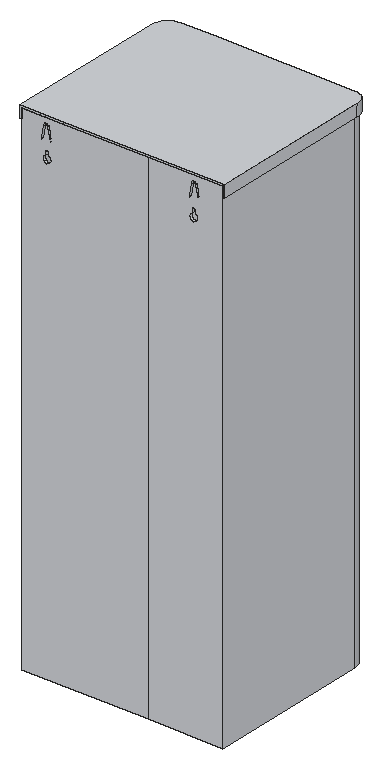
Revit family "AX8929-C_0004", category Appareils sanitaires, Revit 2016
Family settings
  Hôte = Mur
  Type d'élément = Normal
  Cote de connecteur circulaire = Utiliser le diamètre
  Numéro OmniClass = 23.75.00.00
  Titre OmniClass = Climate Control (HVAC)
  Toujours verticalement = Oui
  Couper avec des vides une fois chargée = Non
  Partagée = Non
  Point de calcul de pièce = Non
Parameters (values of type "Type 1")
  URL = "https://www.axeuro.com/fr/a-poser-en-applique/25349-poubelle-murale-ax8929-c.html"
  Modèle = "AX8929-C"  # constant formula
  Matériaux = "En inox 304 (18/10) Bactériostatique"  # constant formula
  Finition = "Brossé Poli Satiné HyperPolish"  # constant formula
  Fabricant = "Axeuro"  # constant formula
  Description = "Poubelle murale"  # constant formula
Reference planes
  plane 1 "Mur": y = 0
  plane 2 "Centre (gauche/droite)": x = 0
  plane 3 "Arrière": y = 75
Forms (mm)
  Extrusion 1, solid
    sketch origin (-140.674, -95, 0) x (1, 0, 0) y (0, 1, 0)
      loop
        line (2.674, 170) -> (179.5, 170) -> (282.674, 170) -> (282.674, 399.853)
        arc (282.674, 399.853) -> (276.773, 414.099) -> (262.527, 420) r 20.147
        line (262.527, 420) -> (182.674, 420) -> (22.821, 420)
        arc (22.821, 420) -> (8.575, 414.099) -> (2.674, 399.853) r 20.147
        line (2.674, 399.853) -> (2.674, 170)
      loop
        line (182.674, 417.6) -> (22.821, 417.6)
        arc (22.821, 417.6) -> (10.272, 412.402) -> (5.074, 399.853) r 17.747
        line (5.074, 399.853) -> (5.074, 172.4) -> (179.5, 172.4) -> (280.274, 172.4) -> (280.274, 399.853)
        arc (280.274, 399.853) -> (275.076, 412.402) -> (262.527, 417.6) r 17.747
        line (262.527, 417.6) -> (182.674, 417.6)
    from 89.809 to 790
  Extrusion 2, void
    sketch origin (-1.703, 0, 9.01) x (1, 0, 0) y (0, 0, 1)
      loop
        arc (-102.277, 733.673) -> (-100.255, 723.071) -> (-98.316, 733.688) r 5.49
        line (-98.316, 733.688) -> (-98.316, 738.673)
        arc (-98.316, 738.673) -> (-100.297, 740.013) -> (-102.277, 738.673) r 2.134
        line (-102.277, 738.673) -> (-102.277, 733.673)
    from -75 to -77.6
  Extrusion 3, void
    sketch origin (1.099, 0, 0) x (1, 0, 0) y (0, 0, 1)
      loop
        arc (-110.599, 762.273) -> (-109.999, 761.023) -> (-108.761, 761.649) r 0.971
        line (-108.761, 761.649) -> (-105.929, 779.052)
        arc (-105.929, 779.052) -> (-104.014, 780.967) -> (-102.099, 779.052) r 1.915
        line (-102.099, 779.052) -> (-99.267, 761.649)
        arc (-99.267, 761.649) -> (-98.029, 761.023) -> (-97.429, 762.273) r 0.971
        line (-97.429, 762.273) -> (-100.012, 779.039)
        arc (-100.012, 779.039) -> (-103.942, 782.968) -> (-107.871, 779.039) r 3.93
        line (-107.871, 779.039) -> (-110.599, 762.273)
    from -77.4 to -75
  Extrusion 4, solid
    sketch origin (2.5, 0, -110.191) x (1, 0, 0) y (0, 1, 0)
      loop
        line (-140.5, 304.853) -> (-140.5, 75) -> (36.326, 75) -> (139.5, 75) -> (139.5, 304.853)
        arc (139.5, 304.853) -> (133.599, 319.099) -> (119.353, 325) r 20.147
        line (119.353, 325) -> (39.5, 325) -> (-120.353, 325)
        arc (-120.353, 325) -> (-134.599, 319.099) -> (-140.5, 304.853) r 20.147
    from 200 to 202.4
  Extrusion 5, void
    sketch origin (1.703, 0, 9.01) x (-1, 0, 0) y (0, 0, -1)
      loop
        line (-102.277, -733.673) -> (-102.277, -738.673)
        arc (-102.277, -738.673) -> (-100.297, -740.013) -> (-98.316, -738.673) r 2.134
        line (-98.316, -738.673) -> (-98.316, -733.688)
        arc (-98.316, -733.688) -> (-100.255, -723.071) -> (-102.277, -733.673) r 5.49
    from -75 to -77.6
  Extrusion 6, void
    sketch origin (-1.099, 0, 0) x (-1, 0, 0) y (0, 0, -1)
      loop
        line (-110.599, -762.273) -> (-107.871, -779.039)
        arc (-107.871, -779.039) -> (-103.942, -782.968) -> (-100.012, -779.039) r 3.93
        line (-100.012, -779.039) -> (-97.429, -762.273)
        arc (-97.429, -762.273) -> (-98.029, -761.023) -> (-99.267, -761.649) r 0.971
        line (-99.267, -761.649) -> (-102.099, -779.052)
        arc (-102.099, -779.052) -> (-104.014, -780.967) -> (-105.929, -779.052) r 1.915
        line (-105.929, -779.052) -> (-108.761, -761.649)
        arc (-108.761, -761.649) -> (-109.999, -761.023) -> (-110.599, -762.273) r 0.971
    from -77.4 to -75
  Extrusion 7, solid
    sketch origin (2, 0, -33.623) x (1, 0, 0) y (0, 1, 0)
      loop
        line (-142, 75) -> (-76, 75) -> (142, 75) -> (142, 305)
        arc (142, 305) -> (136.044, 320.509) -> (120.75, 327) r 21.263
        line (120.75, 327) -> (-76, 327) -> (-120.75, 327)
        arc (-120.75, 327) -> (-136.044, 320.509) -> (-142, 305) r 21.263
        line (-142, 305) -> (-142, 75)
    from 809.623 to 825.623
  Extrusion 8, void
    sketch origin (2, 0, 0) x (1, 0, 0) y (0, 0, 1)
      loop
        line (-140, 776) -> (140, 776) -> (140, 790) -> (-140, 790) -> (-140, 776)
    from -77.4 to -75
Cuts and joins
  Extrusion 2, Extrusion 3, Extrusion 5, Extrusion 6 cuts Extrusion 1
  Extrusion 5, Extrusion 6 cuts Extrusion 4
  joined: Extrusion 1, Extrusion 4
  Extrusion 8 cuts Extrusion 7
Text (mm)
  text "Côté de la mise en place" at (-1820.995, 1116.779, 0), in view "Niveau de réf."
  text "Côté de la mise en place" at (0, 1334.055, 2976.191), in view "Gauche"
  text "Côté de la mise en place" at (0, 439.194, 2944.362), in view "Droite"
Dimensions and locks
  locked: plane 3 "Arrière" to host wall
  aligned and locked: plane 1 "Mur" to host wall
